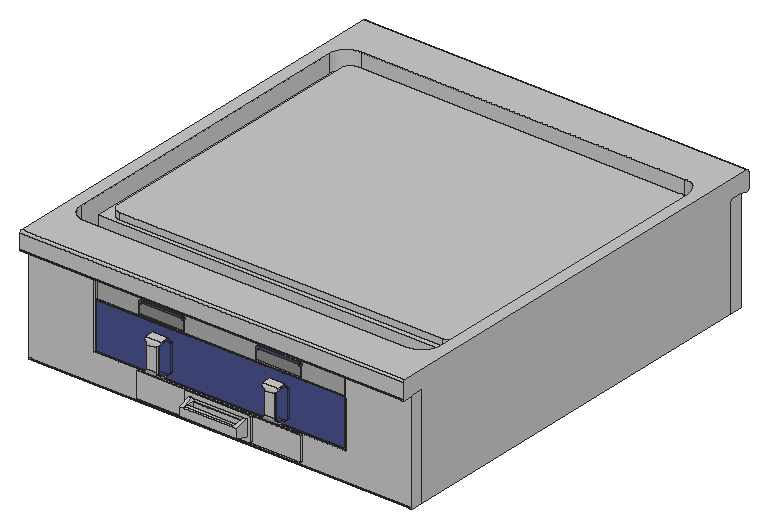
Revit family "QF_ELECTROLUXPROFESSIONAL_589090_MCHMAAHOAO", category Specialty Equipment, Revit 2018
Family settings
  Round Connector Dimension = Use Diameter
  Part Type = Normal
  Work Plane-Based = No
  Always vertical = Yes
  Cut with Voids When Loaded = No
  Shared = No
  Room Calculation Point = No
Parameters
  Weight in Pounds = 264.6
  Watts = 15300 VA  # 15300 W
  Volts = 400 V  # constant formula
  URL Cutsheet = ""
  Type Mark [instance] = ""
  Status [instance] = ""
  Specification by User [instance] = ""
  Specification by Manufacturer = ""
  Show Clearance [instance] = yes
  Serial Number = ""
  Seismic Rating = ""
  SMACNA No = ""
  Revision Code [instance] = ""
  Phase = 3  # constant formula
  Omniclass Number and Title = ""
  Number of Poles [instance] = 1
  NAFEM Spec ID Number = ""
  Model = "589090"
  Min Ckt Ampacity = 0 A
  Max Overcurrent Protection = 0 A
  Masterspec = ""
  Manufacturer = "ELECTROLUX"
  Item Number [instance] = ""
  Installed By [instance] = ""
  Identify Quantity as Lot [instance] = yes
  HP = "20.5 HP"
  Furnished By [instance] = ""
  Foodservice Equipment Identifier [instance] = yes
  FL Amps [instance] = if(Phase = 3, Watts / (Volts * 1.73), Watts / Volts)  # 22.1098 A
  Electrical Remarks = "400 V/3N ph/50/60 Hz"  # constant formula
  Electric Connection Type [instance] = ""
  Elec Conn RI Height [instance] = 0 mm
  Elec Conn Connection Height [instance] = 0 mm
  Direct Waste Size = 0"
  Description = "EL.FRYTOP,SMOOTH PL,1-SIDE,800X900X250H"
  Cycle [instance] = if([60 Hertz Option], 60 Hz, 50 Hz)  # 60 Hz
  Conn Plug = ""
  Conn Conduit = yes
  CSI MasterFormat = ""
  CSI Master Format = ""
  Back Panel [instance] = yes
  Apparent Power [instance] = if(Phase = 3, Volts * FL Amps * 1.73, Volts * FL Amps)  # 15300 VA
  60 Hertz Option [instance] = not([50 Hertz Option])  # yes
  50 Hertz Option [instance] = no
Reference planes
  plane 1 "BACK": y = 0
  plane 2: z = 0
  plane 3 "LEFT": x = 0
  plane 4 "RIGHT": x = 800
  plane 5 "FRONT": y = -900
  plane 6 "TOP": z = 250
  plane 7: x = 400
  plane 8: y = -450
  plane 9: y = -1330
Forms (mm)
  Extrusion 1, solid, material "QF_Finishes_Stainless Steel"
    sketch origin (0, -487.128, 0) x (0, 1, 0) y (0, 0, 1)
      loop
        line (483.128, 250) -> (-408.872, 250)
        arc (-408.872, 250) -> (-411.7, 248.828) -> (-412.872, 246) r 4
        line (-412.872, 246) -> (-412.872, 214)
        arc (-412.872, 214) -> (-411.443, 210.936) -> (-408.177, 210.061) r 4
        line (-408.177, 210.061) -> (-391.509, 213) -> (-366.872, 213) -> (-366.872, 0) -> (441.128, 0) -> (441.128, 213) -> (465.765, 213) -> (482.433, 210.061)
        arc (482.433, 210.061) -> (485.699, 210.936) -> (487.128, 214) r 4
        line (487.128, 214) -> (487.128, 246)
        arc (487.128, 246) -> (485.956, 248.828) -> (483.128, 250) r 4
    from 0 to 800
  Extrusion 2, solid, material "QF_Finishes_Stainless Steel", visible <- "Back Panel"
    sketch origin (0, 0, 0) x (0, 1, 0) y (0, 0, 1)
      loop
        line (-46, 0) -> (-20, 0) -> (-20, 213) -> (-46, 213) -> (-46, 0)
    from 0 to 800
  Extrusion 3, void
    sketch origin (653.786, 44.048, 250) x (1, 0, 0) y (0, -1, 0)
      loop
        line (-590.636, 133.048) -> (83.064, 133.048)
        arc (83.064, 133.048) -> (110.04, 144.222) -> (121.214, 171.198) r 38.15
        line (121.214, 171.198) -> (121.214, 816.572)
        arc (121.214, 816.572) -> (109.944, 843.779) -> (82.737, 855.048) r 38.476
        line (82.737, 855.048) -> (-591.786, 855.048)
        arc (-591.786, 855.048) -> (-617.949, 844.211) -> (-628.786, 818.048) r 37
        line (-628.786, 818.048) -> (-628.786, 171.198)
        arc (-628.786, 171.198) -> (-617.613, 144.222) -> (-590.636, 133.048) r 38.15
    from 0 to 37
  Extrusion 4, void
    sketch origin (1307.573, 92.096, 213) x (0, 1, 0) y (1, 0, 0)
      loop
        line (-821.846, -532.573) -> (-864.62, -532.573)
        arc (-864.62, -532.573) -> (-891.827, -543.842) -> (-903.096, -571.049) r 38.476
        line (-903.096, -571.049) -> (-903.096, -1245.573)
        arc (-903.096, -1245.573) -> (-892.259, -1271.736) -> (-866.096, -1282.573) r 37
        line (-866.096, -1282.573) -> (-821.846, -1282.573) -> (-821.846, -532.573)
    from 0 to 25.6
  Extrusion 5, void
    sketch origin (1612.573, 92.096, 187.4) x (-1, 0, 0) y (0, 1, 0)
      loop
        circle (1212.573, -862.096) r 22.248
    from 0 to 92
  Extrusion 6, solid, material "QF_Finishes_Stainless Steel"
    sketch origin (0, -854, 0) x (1, 0, 0) y (0, -1, 0)
      loop
        circle (755, -169) r 6.35
    from 0 to 3.2
  Extrusion 7, solid, material "QF_Door-Drawer Clearances", visible <- "Show Clearance", detail levels coarse
    sketch origin (437.203, -881.593, 8.62) x (0, 0, 1) y (-1, 0, 0)
      loop
        line (1.973, -134.295) -> (49.317, -134.295)
        arc (49.317, -134.295) -> (50.776, -133.691) -> (51.38, -132.232) r 2.063
        line (51.38, -132.232) -> (51.38, 206.852)
        arc (51.38, 206.852) -> (50.88, 208.549) -> (49.541, 209.705) r 3.133
        line (49.541, 209.705) -> (3.067, 209.705)
        arc (3.067, 209.705) -> (0.898, 208.807) -> (0, 206.638) r 3.067
        line (0, 206.638) -> (0, -132.322)
        arc (0, -132.322) -> (0.578, -133.717) -> (1.973, -134.295) r 1.973
    from 0 to 448.407
  Extrusion 8, solid, material "QF_Finishes_Stainless Steel"
    sketch origin (653.786, 44.048, 213) x (1, 0, 0) y (0, 1, 0)
      loop
        line (-608.786, -161.361) -> (-608.786, -745.485)
        arc (-608.786, -745.485) -> (-603.47, -758.319) -> (-590.636, -763.635) r 18.15
        line (-590.636, -763.635) -> (83.064, -763.635)
        arc (83.064, -763.635) -> (95.898, -758.319) -> (101.214, -745.485) r 18.15
        line (101.214, -745.485) -> (101.214, -161.361)
        arc (101.214, -161.361) -> (95.898, -148.527) -> (83.064, -143.211) r 18.15
        line (83.064, -143.211) -> (-590.636, -143.211)
        arc (-590.636, -143.211) -> (-603.47, -148.527) -> (-608.786, -161.361) r 18.15
    from 0 to 13.3
Cuts and joins
  Extrusion 3, Extrusion 4, Extrusion 5 cuts Extrusion 1
Lines and regions (mm)
  symbolic lines
    curve 1: line (261.519, -902.326, 0) -> (261.519, -900, 0)
    curve 2: spline (267.188, -903.73, 0) -> (266.709, -903.657, 0) -> (266.231, -903.575, 0) -> (265.754, -903.486, 0) -> (265.278, -903.389, 0) -> (264.804, -903.283, 0) -> (264.33, -903.17, 0) -> (263.858, -903.049, 0) -> (263.387, -902.92, 0) -> (262.918, -902.783, 0) -> (262.45, -902.638, 0) -> (261.984, -902.486, 0) -> (261.519, -902.326, 0)
    curve 3: line (293.735, -902.326, 0) -> (293.735, -900, 0)
    curve 4: spline (293.735, -902.326, 0) -> (293.27, -902.486, 0) -> (292.804, -902.638, 0) -> (292.337, -902.783, 0) -> (291.867, -902.92, 0) -> (291.396, -903.049, 0) -> (290.924, -903.17, 0) -> (290.451, -903.283, 0) -> (289.976, -903.389, 0) -> (289.5, -903.486, 0) -> (289.023, -903.575, 0) -> (288.545, -903.657, 0) -> (288.066, -903.73, 0)
    curve 5: line (267.188, -903.73, 0) -> (288.066, -903.73, 0)
    curve 6: line (538.481, -902.326, 0) -> (538.481, -900, 0)
    curve 7: spline (532.812, -903.73, 0) -> (533.291, -903.657, 0) -> (533.769, -903.575, 0) -> (534.246, -903.486, 0) -> (534.722, -903.389, 0) -> (535.196, -903.283, 0) -> (535.67, -903.17, 0) -> (536.142, -903.049, 0) -> (536.613, -902.92, 0) -> (537.082, -902.783, 0) -> (537.55, -902.638, 0) -> (538.016, -902.486, 0) -> (538.481, -902.326, 0)
    curve 8: line (506.265, -902.326, 0) -> (506.265, -900, 0)
    curve 9: spline (506.265, -902.326, 0) -> (506.73, -902.486, 0) -> (507.196, -902.638, 0) -> (507.663, -902.783, 0) -> (508.133, -902.92, 0) -> (508.604, -903.049, 0) -> (509.076, -903.17, 0) -> (509.549, -903.283, 0) -> (510.024, -903.389, 0) -> (510.5, -903.486, 0) -> (510.977, -903.575, 0) -> (511.455, -903.657, 0) -> (511.934, -903.73, 0)
    curve 10: line (532.812, -903.73, 0) -> (511.934, -903.73, 0)
    curve 11: line (25, -774, 0) -> (25, -127.15, 0)
    curve 12: arc (25, -127.15, 0) -> (36.174, -100.174, 0) -> (63.15, -89, 0) r 38.15
    curve 13: line (63.15, -89, 0) -> (736.85, -89, 0)
    curve 14: arc (736.85, -89, 0) -> (763.826, -100.174, 0) -> (775, -127.15, 0) r 38.15
    curve 15: line (775, -127.15, 0) -> (775, -772.524, 0)
    curve 16: arc (775, -772.524, 0) -> (763.731, -799.731, 0) -> (736.524, -811, 0) r 38.476
    curve 17: line (736.524, -811, 0) -> (62, -811, 0)
    curve 18: arc (62, -811, 0) -> (35.837, -800.163, 0) -> (25, -774, 0) r 37
    curve 19: line (775, -729.75, 0) -> (25, -729.75, 0)
    curve 20: circle (400, -770, 0) r 22.248 normal (0, 0, -1)
    curve 21: line (0, 0, 0) -> (800, 0, 0)
    curve 22: line (0, -900, 0) -> (0, 0, 0)
    curve 23: line (800, -900, 0) -> (0, -900, 0)
    curve 24: line (800, 0, 0) -> (800, -900, 0)
    curve 25: line (347.608, -908.767, 0) -> (450.042, -908.767, 0)
    curve 26: line (450.042, -908.767, 0) -> (451.588, -900, 0)
    curve 27: line (347.608, -908.767, 0) -> (346.062, -900, 0)
    curve 31: line (736.85, -99.163, 0) -> (63.15, -99.163, 0)
    curve 32: arc (63.15, -99.163, 0) -> (50.316, -104.479, 0) -> (45, -117.313, 0) r 18.15
    curve 33: line (45, -117.313, 0) -> (45, -701.437, 0)
    curve 34: arc (45, -701.437, 0) -> (50.316, -714.271, 0) -> (63.15, -719.587, 0) r 18.15
    curve 35: line (63.15, -719.587, 0) -> (736.85, -719.587, 0)
    curve 36: arc (736.85, -719.587, 0) -> (749.684, -714.271, 0) -> (755, -701.437, 0) r 18.15
    curve 37: line (755, -701.437, 0) -> (755, -117.313, 0)
    curve 38: arc (755, -117.313, 0) -> (749.684, -104.479, 0) -> (736.85, -99.163, 0) r 18.15
  symbolic lines, style "QF_Door-Drawer Clearances"
    curve 28: line (227.498, -1330, 0) -> (227.498, -900, 0)
    curve 29: line (227.498, -1330, 0) -> (571.498, -1330, 0)
    curve 30: line (571.498, -1330, 0) -> (571.498, -900, 0)
Dimensions and locks
  plane 3 "LEFT" to plane 4 "RIGHT" = 800 mm
  plane 5 "FRONT" to plane 1 "BACK" = 900 mm
  equal spacing: plane 3 "LEFT", plane 7, plane 4 "RIGHT"
  equal spacing: plane 5 "FRONT", plane 8, plane 1 "BACK"
  plane 6 "TOP" to level = 250 mm  (x2)
  plane 1 "BACK" to plane 5 "FRONT" = 900 mm
  Extrusion 6 sketch curve to plane 1 "BACK" = 685 mm
  Extrusion 6 sketch curve to plane 4 "RIGHT" = 45 mm
  plane 5 "FRONT" to plane 9 = 430 mm
  radius of Extrusion 8 sketch curve = 18.15 mm  (x4)
  aligned and locked: level to plane 2
  aligned and locked: Extrusion 7 to plane 9
  aligned and locked: cut or joined group of Extrusion 1, Extrusion 3, Extrusion 4, Extrusion 5 to plane 4 "RIGHT"
  aligned and locked: plane 7 to nested 1
  aligned and locked: Extrusion 2 to plane 4 "RIGHT"
Automatic sketch dimensions
  Extrusion 2 sketch curve to Extrusion 2 sketch curve = 26 mm
  plane 1 "BACK" to Extrusion 2 sketch curve = 20 mm
  Extrusion 1 to Extrusion 3 sketch curve = 85 mm  (x2)
  Extrusion 1 to Extrusion 3 sketch curve = 122 mm
  Extrusion 1 to Extrusion 3 sketch curve = 25 mm
  Extrusion 3 sketch curve to Extrusion 3 sketch curve = 38.15 mm  (x2)
  Extrusion 1 to Extrusion 3 sketch curve = 123.476 mm
  Extrusion 3 sketch curve to Extrusion 3 sketch curve = 674.524 mm
  Extrusion 1 sketch curve to plane 5 "FRONT" = 0 mm
  Extrusion 1 sketch curve to plane 6 "TOP" = 0 mm
  Extrusion 1 sketch curve to level = 0 mm
  Extrusion 1 sketch curve to plane 1 "BACK" = 0 mm
  Extrusion 1 sketch curve to plane 6 "TOP" = 37 mm  (x2)
  Extrusion 1 sketch curve to plane 5 "FRONT" = 4 mm
  Extrusion 1 sketch curve to plane 5 "FRONT" = 21.363 mm
  Extrusion 1 sketch curve to plane 5 "FRONT" = 46 mm
  plane 1 "BACK" to Extrusion 1 sketch curve = 21.363 mm
  plane 1 "BACK" to Extrusion 1 sketch curve = 4 mm  (x2)
  Extrusion 1 sketch curve to Extrusion 1 sketch curve = 4 mm
  Extrusion 1 sketch curve to Extrusion 1 sketch curve = 0.695 mm
  Extrusion 1 sketch curve to Extrusion 1 sketch curve = 0 mm  (x4)
  plane 1 "BACK" to Extrusion 1 sketch curve = 4.695 mm
  Extrusion 1 sketch curve to Extrusion 1 sketch curve = 1 mm  (x2)
  plane 1 "BACK" to Extrusion 1 sketch curve = 46 mm
  Extrusion 4 sketch curve to Extrusion 3 = 81.25 mm
  Extrusion 3 to Extrusion 4 sketch curve = 0 mm  (x2)
  Extrusion 4 sketch curve to Extrusion 4 sketch curve = 37 mm
  Extrusion 4 sketch curve to Extrusion 4 sketch curve = 674.524 mm
  Extrusion 4 sketch curve to Extrusion 3 = 38.476 mm
  Extrusion 5 sketch curve to Extrusion 4 = 41 mm
  Extrusion 5 sketch curve to Extrusion 4 = 375 mm
  plane 1 "BACK" to curve 21 = 0 mm
  curve 21 to plane 4 "RIGHT" = 0 mm
  curve 28 to plane 9 = 0 mm
  curve 22 to plane 3 "LEFT" = 0 mm
  plane 5 "FRONT" to curve 30 = 0 mm
  plane 4 "RIGHT" to curve 15 = 25 mm
  curve 15 to curve 13 = 38.15 mm
  curve 16 to curve 17 = 38.476 mm
  plane 5 "FRONT" to curve 6 = 2.326 mm
  plane 7 to curve 6 = 138.481 mm
  plane 5 "FRONT" to curve 10 = 3.73 mm
  curve 7 to curve 10 = 5.669 mm
  plane 5 "FRONT" to curve 26 = 8.767 mm
  curve 7 to curve 26 = 82.77 mm
  curve 10 to curve 25 = 61.891 mm
  plane 5 "FRONT" to curve 8 = 2.326 mm
  curve 10 to curve 8 = 5.669 mm
  plane 5 "FRONT" to curve 3 = 2.326 mm
  curve 3 to plane 7 = 106.265 mm
  plane 5 "FRONT" to curve 5 = 3.73 mm
  curve 3 to curve 5 = 5.669 mm
  curve 27 to curve 5 = 59.542 mm
  curve 25 to curve 5 = 80.42 mm
  plane 5 "FRONT" to curve 1 = 2.326 mm
  curve 2 to curve 1 = 5.669 mm
  plane 3 "LEFT" to curve 13 = 63.15 mm
  plane 3 "LEFT" to curve 17 = 62 mm
  plane 3 "LEFT" to curve 28 = 227.498 mm
  plane 3 "LEFT" to curve 11 = 25 mm
  plane 4 "RIGHT" to curve 30 = 228.502 mm
  curve 6 to curve 7 = 9.839 mm
  curve 7 to curve 9 = 12.538 mm
  curve 9 to curve 26 = 64.516 mm
  plane 5 "FRONT" to curve 4 = 4.032 mm
  curve 5 to curve 4 = 4.17 mm
  curve 27 to curve 4 = 62.166 mm
  curve 4 to curve 2 = 12.538 mm
  curve 20 to curve 18 = 338 mm
  plane 1 "BACK" to curve 13 = 89 mm
  curve 15 to plane 5 "FRONT" = 127.476 mm
  curve 19 to curve 18 = 44.25 mm
  curve 20 to curve 18 = 4 mm
  curve 7 to plane 5 "FRONT" = 39.101 mm
  curve 9 to curve 7 = 0 mm
  curve 2 to curve 4 = 0 mm
  level to Extrusion 7 sketch curve = 8.62 mm
  level to Extrusion 7 sketch curve = 57.937 mm
  plane 7 to Extrusion 7 sketch curve = 171.498 mm
  Extrusion 7 sketch curve to Extrusion 7 sketch curve = 1.973 mm
  Extrusion 7 sketch curve to Extrusion 7 sketch curve = 3.067 mm
  Extrusion 7 sketch curve to Extrusion 7 sketch curve = 46.474 mm
  Extrusion 7 sketch curve to Extrusion 7 sketch curve = 2.063 mm
  Extrusion 7 sketch curve to Extrusion 7 sketch curve = 3.133 mm
  Extrusion 7 sketch curve to plane 7 = 169.435 mm
  Extrusion 8 sketch curve to Extrusion 3 = 20 mm
  Extrusion 8 sketch curve to Extrusion 3 = 91.413 mm
  Extrusion 8 sketch curve to Extrusion 3 = 38.15 mm
  Extrusion 8 sketch curve to Extrusion 3 = 28.313 mm
  Extrusion 8 sketch curve to Extrusion 8 sketch curve = 0 mm
  plane 4 "RIGHT" to curve 37 = 45 mm
  plane 4 "RIGHT" to curve 31 = 63.15 mm
  plane 1 "BACK" to curve 31 = 99.163 mm
  curve 36 to curve 35 = 18.15 mm
  curve 31 to curve 13 = 0 mm
  curve 35 to curve 19 = 38.15 mm
  curve 34 to curve 33 = 18.15 mm
  curve 33 to curve 19 = 28.313 mm
  Extrusion 2 sketch curve to level = 0 mm
  Extrusion 2 sketch curve to plane 6 "TOP" = 37 mm
  radius of Extrusion 5 sketch curve = 22.248 mm
  radius of Extrusion 6 sketch curve = 6.35 mm
  radius of curve 20 = 22.248 mm
Nested families
  nested 1: "EG_900_800 Front Panel with Center Grease Trap" at (402.376, -854, -650), type "EG_900_800 Front Panel with Center Grease Trap"
    with Width 800 mm
Connectors
  electrical at (755, -685, -3.2), driven by "Volts", driven by "Watts"
    settings: on Extrusion 6, index 1, voltage 400 V, apparent load 15300 VA, apparent load phase1 0 VA, apparent load phase2 0 VA, apparent load phase3 0 VA, power factor 1, load classification "Other", number of poles 1, system type 30, power factor state 1, is connector primary yes, connector utility no, sub classification motor no, connector description "ELECTRICAL CONNECTION"
Definition of nested family "EG_900_800 Front Panel with Center Grease Trap"
  Parameters
    Width [instance] = 800 mm
  Reference planes
    plane 1 "Center (Front/Back)": y = 0
    plane 2: z = 0
    plane 3 "Center (Left/Right)": x = -2.376
    plane 4: x = -402.376
    plane 5: x = 397.624
  Forms (mm)
    Extrusion 1, solid
      sketch origin (833.217, 829.203, -1.25) x (0, 1, 0) y (0, 0, 1)
        loop
          arc (-854.203, 654.25) -> (-853.324, 652.129) -> (-851.203, 651.25) r 3
          line (-851.203, 651.25) -> (-829.203, 651.25) -> (-829.203, 864.25) -> (-854.203, 864.25) -> (-854.203, 654.25)
      from -1235.593 to -435.593
    Extrusion 2, void
      sketch origin (33.217, 829.203, -1.25) x (1, 0, 0) y (0, 0, 1)
        loop
          line (-298.093, 855.116) -> (-298.093, 713.116) -> (226.907, 713.116) -> (226.907, 855.116) -> (-298.093, 855.116)
      from 848.59 to 854.203
  Cuts and joins
    Extrusion 2 cuts Extrusion 1
  Dimensions and locks
    equal spacing: plane 5, plane 3 "Center (Left/Right)", plane 4
    "Width": plane 5 to plane 4
    aligned and locked: cut or joined group of Extrusion 1, Extrusion 2 to plane 4
    aligned and locked: plane 5 to cut or joined group of Extrusion 1, Extrusion 2
    aligned and locked: plane 3 "Center (Left/Right)" to nested 2
    aligned and locked: cut or joined group of Extrusion 1, Extrusion 2 to nested 2
  Automatic sketch dimensions
    Extrusion 1 sketch curve to plane 1 "Center (Front/Back)" = 0 mm
    plane 1 "Center (Front/Back)" to Extrusion 1 sketch curve = 22 mm
    Extrusion 1 sketch curve to Extrusion 1 sketch curve = 3 mm
    level to Extrusion 1 sketch curve = 650 mm
    Extrusion 1 sketch curve to Extrusion 1 sketch curve = 210 mm
    plane 4 to Extrusion 2 sketch curve = 137.5 mm
    Extrusion 2 sketch curve to plane 5 = 137.5 mm
    level to Extrusion 2 sketch curve = 711.866 mm
    Extrusion 2 sketch curve to Extrusion 2 sketch curve = 142 mm
  Nested families
    nested 1: "Range Control Handle" at (-124.522, -28.137, -209.113) x (-1, 0, 0) z (0, 0, 1), type "Range Control Handle"
    nested 2: "800 Panel - Glass conrol panel" at (-30.376, 280.644, 2.752), type "800 Panel - Glass conrol panel"
      with Width 525 mm
    nested 3: "800 Panel - Grease trap door" at (65.223, -25, 0.608) x (-1, 0, 0) z (0, 0, 1), type "800 Panel - Grease trap door"
    nested 4: "Range Control Handle" at (119.771, -28.137, -209.113), type "Range Control Handle"
  Definition of nested family "Range Control Handle"
    Reference planes
      plane 1 "Center (Front/Back)": y = 0
      plane 2: z = 0
      plane 3 "Center (Left/Right)": x = 0
      plane 4: z = 971.092
    Forms (mm)
      Extrusion 1, solid
        sketch origin (-746.28, 380.497, 208.931) x (-1, 0, 0) y (0, 0, 1)
          loop
            line (-770.101, 786.798) -> (-770.101, 731.649)
            arc (-770.101, 731.649) -> (-769.759, 730.563) -> (-768.855, 729.87) r 1.893
            line (-768.855, 729.87) -> (-763.474, 727.911) -> (-729.81, 727.911) -> (-724.428, 729.87)
            arc (-724.428, 729.87) -> (-723.525, 730.563) -> (-723.183, 731.649) r 1.893
            line (-723.183, 731.649) -> (-723.183, 786.798)
            arc (-723.183, 786.798) -> (-723.529, 787.894) -> (-724.44, 788.593) r 1.91
            line (-724.44, 788.593) -> (-729.683, 790.819) -> (-763.601, 790.819) -> (-768.844, 788.593)
            arc (-768.844, 788.593) -> (-769.755, 787.894) -> (-770.101, 786.798) r 1.91
        from -382.35 to -378.852
      Sweep 2, solid
        path origin (-746.788, 380.496, 208.091) x (0, -1, 0) y (0, 0, 1)
          loop
            line (379.775, 793.281) -> (395.661, 791.048)
            arc (395.661, 791.048) -> (397.781, 787.377) -> (398.517, 783.202) r 12.207
            line (398.517, 783.202) -> (398.517, 737.368)
            arc (398.517, 737.368) -> (397.781, 733.193) -> (395.661, 729.522) r 12.207
            line (395.661, 729.522) -> (379.775, 727.289)
        profile origin (-746.788, -7.222, 1000.256) x (0, -0.139173, 0.990268) y (-1, 0, 0)
          loop
            line (0.782, -763.123) -> (0.782, -730.907) -> (-1.322, -730.907) -> (-1.322, -763.123) -> (0.782, -763.123)
      Sweep 3, solid
        path origin (-746.788, 380.715, 207.832) x (0, -1, 0) y (0, 0, 1)
          loop
            line (380.478, 795.442) -> (397.218, 793.09)
            arc (397.218, 793.09) -> (399.929, 788.473) -> (400.871, 783.202) r 15.207
            line (400.871, 783.202) -> (400.871, 737.584)
            arc (400.871, 737.584) -> (399.914, 732.274) -> (397.164, 727.633) r 15.207
            line (397.164, 727.633) -> (380.601, 725.305)
        profile origin (-746.788, -8.132, 1002.099) x (0, -0.139173, 0.990268) y (-1, 0, 0)
          loop
            line (0.782, -763.123) -> (0.782, -730.907) -> (-1.322, -730.907) -> (-1.322, -763.123) -> (0.782, -763.123)
      Extrusion 4, void
        sketch origin (889.253, 220.666, 207.993) x (1, 0, 0) y (0, 0, 1)
          loop
            line (-943.038, 816.854) -> (-943.038, 703.686) -> (-899.466, 734.196) -> (-899.466, 786.344) -> (-943.038, 816.854)
        from 230.636 to 242.25
      Extrusion 5, void
        sketch origin (-888.8, 220.666, 207.993) x (-1, 0, 0) y (0, 0, -1)
          loop
            line (-943.038, -816.854) -> (-899.466, -786.344) -> (-899.466, -734.196) -> (-943.038, -703.686) -> (-943.038, -816.854)
        from 230.636 to 242.25
      Extrusion 6, solid
        sketch origin (0, 0, 0) x (1, 0, 0) y (0, 0, 1)
          loop
            circle (0, 971.092) r 7.736
        from -3.137 to -1.645
    Cuts and joins
      Extrusion 4, Extrusion 5 cuts Sweep 3
      Extrusion 4, Extrusion 5 cuts Sweep 2
      joined: Extrusion 1, Extrusion 6
    Lines and regions (mm)
      symbolic lines
        curve 1: line (23.821, 1.645, 0) -> (-23.097, 1.645, 0)
        curve 2: line (16.334, -1.853, 0) -> (23.821, -1.853, 0)
        curve 3: line (-15.881, -19.189, 0) -> (-15.881, -1.853, 0)
        curve 4: line (-23.097, -1.853, 0) -> (-15.881, -1.853, 0)
        curve 5: line (16.334, -19.189, 0) -> (16.334, -1.853, 0)
        curve 6: spline (-15.881, -19.189, 0) -> (-15.417, -19.349, 0) -> (-14.951, -19.501, 0) -> (-14.483, -19.646, 0) -> (-14.014, -19.783, 0) -> (-13.543, -19.912, 0) -> (-13.071, -20.033, 0) -> (-12.597, -20.146, 0) -> (-12.122, -20.251, 0) -> (-11.646, -20.349, 0) -> (-11.169, -20.438, 0) -> (-10.691, -20.52, 0) -> (-10.213, -20.593, 0)
        curve 7: spline (10.666, -20.593, 0) -> (11.144, -20.52, 0) -> (11.622, -20.438, 0) -> (12.099, -20.349, 0) -> (12.575, -20.251, 0) -> (13.05, -20.146, 0) -> (13.524, -20.033, 0) -> (13.996, -19.912, 0) -> (14.467, -19.783, 0) -> (14.936, -19.646, 0) -> (15.404, -19.501, 0) -> (15.87, -19.349, 0) -> (16.334, -19.189, 0)
        curve 8: line (-10.213, -20.938, 0) -> (10.716, -20.938, 0)
        curve 9: line (-23.097, 1.645, 0) -> (-23.097, -1.853, 0)
        curve 10: line (23.821, 1.645, 0) -> (23.821, -1.853, 0)
  Definition of nested family "800 Panel - Glass conrol panel"
    Parameters
      Width [instance] = 525 mm
    Reference planes
      plane 1 "Center (Front/Back)": y = 0
      plane 2: z = 0
      plane 3 "Center (Left/Right)": x = 28
      plane 4: x = -234.5
      plane 5: x = 290.5
    Forms (mm)
      Extrusion 1, solid
        sketch origin (378.286, 0, 0.617) x (1, 0, 0) y (0, 0, 1)
          loop
            line (-612.786, 806.791) -> (-612.786, 708.497) -> (-87.786, 708.497) -> (-87.786, 806.791) -> (-612.786, 806.791)
        from 300.031 to 304.8
      Extrusion 2, solid
        sketch origin (378.286, 0, 0.617) x (1, 0, 0) y (0, 0, 1)
          loop
            line (-612.786, 850.497) -> (-612.786, 806.791) -> (-87.786, 806.791) -> (-87.786, 850.497) -> (-612.786, 850.497)
        from 300.031 to 304.8
      Extrusion 3, void
        sketch origin (378.286, 0, 0.617) x (1, 0, 0) y (0, 0, 1)
          loop
            line (-610.128, 847.565) -> (-610.128, 710.699) -> (-90.696, 710.699) -> (-90.696, 847.565) -> (-610.128, 847.565)
        from 303.697 to 304.8
      Extrusion 4, solid
        sketch origin (-430.455, 1.101, -0.633) x (-1, 0, 0) y (0, 0, -1)
          loop
            line (-289.431, -812.62) -> (-383.186, -812.62) -> (-383.186, -834.177) -> (-378.269, -834.177) -> (-376.469, -835.977) -> (-296.039, -835.977) -> (-294.24, -834.177) -> (-289.431, -834.177) -> (-289.431, -812.62)
        from 304.798 to 306.745
      Extrusion 5, solid
        sketch origin (-430.455, 1.101, -0.633) x (-1, 0, 0) y (0, 0, -1)
          loop
            line (-378.269, -834.177) -> (-383.078, -834.177)
            arc (-383.078, -834.177) -> (-381.942, -838.747) -> (-377.686, -840.763) r 5.5
            line (-377.686, -840.763) -> (-294.98, -840.763)
            arc (-294.98, -840.763) -> (-290.706, -838.752) -> (-289.529, -834.177) r 5.549
            line (-289.529, -834.177) -> (-294.24, -834.177) -> (-296.039, -835.977) -> (-376.469, -835.977) -> (-378.269, -834.177)
        from 304.798 to 306.745
      Extrusion 6, solid
        sketch origin (486.455, 1.101, -0.633) x (1, 0, 0) y (0, 0, 1)
          loop
            line (-289.431, 812.62) -> (-289.431, 834.177) -> (-294.24, 834.177) -> (-296.039, 835.977) -> (-376.469, 835.977) -> (-378.269, 834.177) -> (-383.186, 834.177) -> (-383.186, 812.62) -> (-289.431, 812.62)
        from 304.798 to 306.745
      Extrusion 7, solid
        sketch origin (486.455, 1.101, -0.633) x (1, 0, 0) y (0, 0, 1)
          loop
            line (-378.269, 834.177) -> (-376.469, 835.977) -> (-296.039, 835.977) -> (-294.24, 834.177) -> (-289.529, 834.177)
            arc (-289.529, 834.177) -> (-290.706, 838.752) -> (-294.98, 840.763) r 5.549
            line (-294.98, 840.763) -> (-377.686, 840.763)
            arc (-377.686, 840.763) -> (-381.942, 838.747) -> (-383.078, 834.177) r 5.5
            line (-383.078, 834.177) -> (-378.269, 834.177)
        from 304.798 to 306.745
    Cuts and joins
      Extrusion 3 cuts Extrusion 1
      Extrusion 3 cuts Extrusion 2
    Dimensions and locks
      "Width": plane 5 to plane 4
      equal spacing: plane 5, plane 3 "Center (Left/Right)", plane 4
      aligned and locked: Extrusion 1 to Extrusion 2
      aligned and locked: Extrusion 5 to Extrusion 4
      aligned and locked: plane 5 to cut or joined group of Extrusion 1, Extrusion 3
      aligned and locked: plane 5 to cut or joined group of Extrusion 2, Extrusion 3
      aligned and locked: cut or joined group of Extrusion 1, Extrusion 3 to plane 4
      aligned and locked: cut or joined group of Extrusion 2, Extrusion 3 to plane 4
      aligned and locked: Extrusion 7 to Extrusion 6
    Automatic sketch dimensions
      Extrusion 1 sketch curve to plane 4 = 0 mm
      Extrusion 1 sketch curve to plane 5 = 0 mm
      level to Extrusion 1 sketch curve = 709.114 mm
      Extrusion 1 sketch curve to Extrusion 1 sketch curve = 98.294 mm
      Extrusion 2 sketch curve to plane 4 = 0 mm
      Extrusion 2 sketch curve to plane 5 = 0 mm
      level to Extrusion 2 sketch curve = 807.408 mm
      Extrusion 2 sketch curve to Extrusion 2 sketch curve = 43.706 mm
      plane 4 to Extrusion 3 sketch curve = 2.658 mm
      level to Extrusion 3 sketch curve = 711.316 mm
      Extrusion 3 sketch curve to plane 5 = 2.909 mm
      Extrusion 3 sketch curve to Extrusion 3 sketch curve = 136.866 mm
      Extrusion 4 sketch curve to plane 3 "Center (Left/Right)" = 75.269 mm
      plane 4 to Extrusion 4 sketch curve = 100.084 mm
      level to Extrusion 4 sketch curve = 835.343 mm
      Extrusion 4 sketch curve to Extrusion 4 sketch curve = 4.917 mm
      Extrusion 4 sketch curve to Extrusion 4 sketch curve = 1.8 mm  (x4)
      Extrusion 4 sketch curve to Extrusion 4 sketch curve = 4.809 mm
      Extrusion 4 sketch curve to Extrusion 4 sketch curve = 21.557 mm
      Extrusion 5 sketch curve to plane 3 "Center (Left/Right)" = 75.377 mm
      Extrusion 5 sketch curve to plane 3 "Center (Left/Right)" = 80.769 mm
      level to Extrusion 5 sketch curve = 840.129 mm
      Extrusion 5 sketch curve to Extrusion 5 sketch curve = 0.583 mm
      Extrusion 5 sketch curve to Extrusion 5 sketch curve = 1.217 mm
      Extrusion 5 sketch curve to Extrusion 5 sketch curve = 80.43 mm
      Extrusion 5 sketch curve to Extrusion 5 sketch curve = 1.059 mm
      Extrusion 5 sketch curve to Extrusion 5 sketch curve = 0.741 mm
      Extrusion 5 sketch curve to Extrusion 5 sketch curve = 4.711 mm
      Extrusion 5 sketch curve to Extrusion 5 sketch curve = 4.786 mm
      Extrusion 5 sketch curve to Extrusion 5 sketch curve = 1.8 mm  (x2)
      plane 3 "Center (Left/Right)" to Extrusion 6 sketch curve = 75.269 mm
      level to Extrusion 6 sketch curve = 811.987 mm
      Extrusion 6 sketch curve to Extrusion 6 sketch curve = 4.917 mm
      Extrusion 6 sketch curve to Extrusion 6 sketch curve = 1.8 mm  (x3)
      Extrusion 6 sketch curve to Extrusion 6 sketch curve = 80.43 mm
      Extrusion 6 sketch curve to Extrusion 6 sketch curve = 4.809 mm
      Extrusion 6 sketch curve to Extrusion 6 sketch curve = 21.557 mm  (x2)
      plane 3 "Center (Left/Right)" to Extrusion 7 sketch curve = 75.377 mm
      plane 3 "Center (Left/Right)" to Extrusion 7 sketch curve = 80.186 mm
      level to Extrusion 7 sketch curve = 833.543 mm
      Extrusion 7 sketch curve to Extrusion 7 sketch curve = 0.583 mm
      Extrusion 7 sketch curve to Extrusion 7 sketch curve = 1.217 mm
      Extrusion 7 sketch curve to Extrusion 7 sketch curve = 80.43 mm
      Extrusion 7 sketch curve to Extrusion 7 sketch curve = 1.059 mm
      Extrusion 7 sketch curve to Extrusion 7 sketch curve = 0.741 mm
      Extrusion 7 sketch curve to Extrusion 7 sketch curve = 4.711 mm
      Extrusion 7 sketch curve to Extrusion 7 sketch curve = 0 mm
      Extrusion 7 sketch curve to Extrusion 7 sketch curve = 1.8 mm
      Extrusion 7 sketch curve to Extrusion 7 sketch curve = 4.786 mm
  Definition of nested family "800 Panel - Grease trap door"
    Reference planes
      plane 1 "Center (Front/Back)": y = 0
      plane 2: z = 0
      plane 3 "Center (Left/Right)": x = 0
    Forms (mm)
      Extrusion 1, solid
        sketch origin (1627.55, 854.203, -1.25) x (1, 0, 0) y (0, 0, 1)
          loop
            arc (-1627.55, 661.235) -> (-1626.972, 659.84) -> (-1625.577, 659.262) r 1.973
            line (-1625.577, 659.262) -> (-1494.325, 659.262)
            arc (-1494.325, 659.262) -> (-1492.156, 660.16) -> (-1491.258, 662.329) r 3.067
            line (-1491.258, 662.329) -> (-1491.258, 708.803)
            arc (-1491.258, 708.803) -> (-1492.414, 710.143) -> (-1494.111, 710.642) r 3.133
            line (-1494.111, 710.642) -> (-1625.486, 710.642)
            arc (-1625.486, 710.642) -> (-1626.945, 710.038) -> (-1627.55, 708.579) r 2.063
            line (-1627.55, 708.579) -> (-1627.55, 661.235)
        from 856.795 to 859.203
      Extrusion 2, solid
        sketch origin (445.874, 2476.61, 0) x (0, 1, 0) y (0, 0, 1)
          loop
            line (-2506.377, 675.273) -> (-2481.61, 667.505) -> (-2481.61, 700.995) -> (-2506.377, 693.227) -> (-2506.377, 675.273)
        from -437.68 to -317.68
      Extrusion 3, void
        sketch origin (1627.55, 854.203, -1.25) x (1, 0, 0) y (0, 0, 1)
          loop
            line (-1614.883, 703) -> (-1610.542, 695.433) -> (-1508.17, 695.433) -> (-1503.828, 703) -> (-1614.883, 703)
          loop
            line (-1614.883, 668) -> (-1502.669, 668) -> (-1507.01, 675.567) -> (-1610.542, 675.567) -> (-1614.883, 668)
        from 832.916 to 883.97
      Extrusion 4, void
        sketch origin (447.55, 854.203, -1.25) x (1, 0, 0) y (0, 0, 1)
          loop
            line (-430.542, 695.433) -> (-430.542, 675.567) -> (-328.17, 675.567) -> (-328.17, 695.433) -> (-430.542, 695.433)
        from 859.203 to 874.202
      Extrusion 5, solid
        sketch origin (1627.55, 854.203, -1.25) x (1, 0, 0) y (0, 0, 1)
          loop
            line (-1390.516, 710.642) -> (-1729.386, 710.642)
            arc (-1729.386, 710.642) -> (-1730.845, 710.038) -> (-1731.449, 708.579) r 2.063
            line (-1731.449, 708.579) -> (-1731.449, 661.235)
            arc (-1731.449, 661.235) -> (-1730.871, 659.84) -> (-1729.476, 659.262) r 1.973
            line (-1729.476, 659.262) -> (-1390.516, 659.262)
            arc (-1390.516, 659.262) -> (-1388.347, 660.16) -> (-1387.449, 662.329) r 3.067
            line (-1387.449, 662.329) -> (-1387.449, 707.485)
            arc (-1387.449, 707.485) -> (-1388.347, 709.653) -> (-1390.516, 710.552) r 3.067
        from 854.203 to 856.795
    Cuts and joins
      Extrusion 3 cuts Extrusion 1
      Extrusion 3, Extrusion 4 cuts Extrusion 2
      joined: Extrusion 1, Extrusion 2
    Lines and regions (mm)
      symbolic lines
        curve 1: line (0, -2.593, 0) -> (136.292, -2.593, 0)
        curve 2: line (17.557, -29.767, 0) -> (12.667, -2.593, 0)
        curve 3: line (17.557, -29.767, 0) -> (119.991, -29.767, 0)
        curve 4: line (119.991, -29.767, 0) -> (124.881, -2.593, 0)
        curve 5: line (68.146, -2.593, 0) -> (68.146, -29.767, 0)
      model lines
        curve 6: line (67.599, 0, 658.012) -> (67.599, 0, 709.392)
    Dimensions and locks
      aligned and locked: Extrusion 2 to Extrusion 1
      aligned and locked: Extrusion 3 to Extrusion 2
      aligned and locked: Extrusion 4 to Extrusion 1
